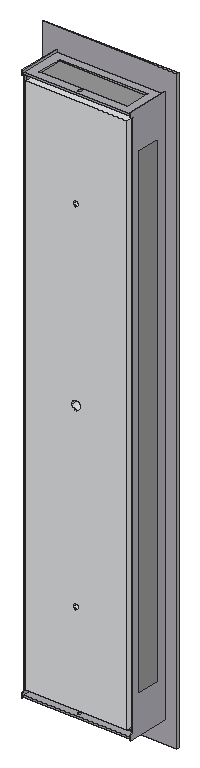
Revit family "Lighting - Lumetta - Sconce - W1636XX", category Lighting Fixtures, host Wall, Revit 2015
Parameters
  Wattage = 34.1318 W
  W1636XX URL [instance] = "https://lumetta.com/luminaires/silhouette-choices-36-sconce-2/"
  W1636XX Style [instance] = 1
  W163606 - Xina [instance] = W1636XX Style = 6  # no
  W163605 - Traverse [instance] = W1636XX Style = 5  # no
  W163604 - Moroccan [instance] = W1636XX Style = 4  # no
  W163603 - Scallop [instance] = W1636XX Style = 3  # no
  W163602 - Diamond [instance] = W1636XX Style = 2  # no
  W163601 - Simple [instance] = W1636XX Style = 1  # yes
  built-in parameter 1150110 = 1 (stored number, unit not read)
  URL = "https://lumetta.com/luminaires/silhouette-choices-36-sconce-2/"
  built-in parameter 1114217 = 1 (stored number, unit not read)
  built-in parameter 1150109 = 1 (stored number, unit not read)
  built-in parameter 1150134 = (empty or 0)
  built-in parameter 1150113 = 1 (stored number, unit not read)
  Model = "W1636XX"  # constant formula
  Manufacturer = "Lumetta, Inc."  # constant formula
  Lumens = 5070 lm
  built-in parameter 1150115 = 1 (stored number, unit not read)
  built-in parameter 1150105 = 403.46 (stored number, unit not read)
  Light Source Symbol Size = 0' - 1"
  built-in parameter 1150137 = (empty or 0)
  built-in parameter 1150139 = (empty or 0)
  built-in parameter 1150112 = 1 (stored number, unit not read)
  built-in parameter 1150114 = 1 (stored number, unit not read)
  built-in parameter 1150132 = 2
  built-in parameter 1150102 = (empty or 0)
  built-in parameter 1150138 = (empty or 0)
  built-in parameter 1150107 = 3000 (stored number, unit not read)
  built-in parameter 1150106 = 4.0346 (stored number, unit not read)
  Frame Finish [instance] = Paint - Lumetta - F02 - PC_Chrome
  Emit from Line Length = 1' - 10"
  built-in parameter 1150104 = 13.8 (stored number, unit not read)
  Dimming Lamp Color Temperature Shift = 1
  Diffuser Material [instance] = Shade - Lumetta - D61 - MT_White
  Description = "Silhouette Choices 36'' Sconce Various Styles"  # constant formula
  Color Filter = 16777215
  built-in parameter 1114218 = 1 (stored number, unit not read)
  built-in parameter 1150133 = 10 (stored number, unit not read)
Reference planes (in)
  plane 1: y = 0
  plane 2 "Light Source Axis (F/B)": y = 4
  plane 3 "Light Source Axis (L/R)": x = -1.43133
  plane 4 "Light Source Elevation": z = 77.42225
  plane 5 "Sconce-BTM": z = 59.42225
  plane 6 "Sconce-TOP": z = 95.42225
  plane 7 "Wall-Face": y = 3.00396
  plane 8 "Sconce Face": y = 5.59771
Forms (in)
  Extrusion 1, solid, material "Paint - Lumetta - F11 - PC_White"
    sketch origin (0, 3.00396, 0) x (-1, 0, 0) y (0, 0, 1)
      loop
        line (-1.56867, 93.67225) -> (-1.56867, 61.17225) -> (4.43133, 61.17225) -> (4.43133, 93.67225) -> (-1.56867, 93.67225)
      loop
        circle (1.43133, 77.42225) r 0.26562
      loop
        circle (1.43133, 88.17225) r 0.15625
      loop
        circle (1.43133, 66.67225) r 0.15625
    from 0 to 0.5
  Extrusion 2, void
    sketch origin (0, 0, 95.42225) x (0, 1, 0) y (-1, 0, 0)
      loop
        circle (3.25396, 1.43133) r 0.10902
    from -36 to 0
  Extrusion 3, solid, material "Paint - Lumetta - F02 - PC_Chrome" <- "Frame Finish"
    sketch origin (-1.43133, 0, 0) x (0, -1, 0) y (0, 0, 1)
      loop
        line (-3.00396, 93.98475) -> (-3.00396, 94.0785) -> (-5.44146, 94.0785) -> (-5.44146, 93.3285) -> (-5.34771, 93.3285) -> (-5.34771, 93.98475) -> (-3.00396, 93.98475)
      loop
        line (-3.00396, 60.85975) -> (-5.41065, 60.85975) -> (-5.41065, 61.516) -> (-5.5044, 61.516) -> (-5.5044, 60.766) -> (-3.00396, 60.766) -> (-3.00396, 60.85975)
    from -3.1875 to 3.1875
  Extrusion 4, void
    sketch origin (0, 0, 77.42225) x (0, 1, 0) y (-1, 0, 0)
      loop
        line (5.00396, 4.05633) -> (3.50396, 4.05633) -> (3.50396, -1.19367) -> (5.00396, -1.19367) -> (5.00396, 4.05633)
    from -18 to 18
  Extrusion 5, solid, material "Paint - Lumetta - F02 - PC_Chrome" <- "Frame Finish"
    sketch origin (-1.43133, 0, 0) x (0, -1, 0) y (0, 0, 1)
      loop
        arc (-3.00396, 60.92225) -> (-3.09235, 60.95886) -> (-3.12896, 61.04725) r 0.125
        line (-3.12896, 61.04725) -> (-3.12896, 93.79725)
        arc (-3.12896, 93.79725) -> (-3.09235, 93.88564) -> (-3.00396, 93.92225) r 0.125
        line (-3.00396, 93.92225) -> (-3.00396, 94.17225) -> (-5.50396, 94.17225) -> (-5.50396, 60.67225) -> (-3.00396, 60.67225) -> (-3.00396, 60.92225)
      loop
        line (-3.50396, 62.92225) -> (-3.50396, 91.92225) -> (-5.00396, 91.92225) -> (-5.00396, 62.92225) -> (-3.50396, 62.92225)
    from 3.1875 to 3.24334
  Extrusion 6, solid, material "Paint - Lumetta - F02 - PC_Chrome" <- "Frame Finish"
    sketch origin (-1.43133, 0, 0) x (0, -1, 0) y (0, 0, -1)
      loop
        line (-3.00396, -60.92225) -> (-3.00396, -60.67225) -> (-5.50396, -60.67225) -> (-5.50396, -94.17225) -> (-3.00396, -94.17225) -> (-3.00396, -93.92225)
        arc (-3.00396, -93.92225) -> (-3.09235, -93.88564) -> (-3.12896, -93.79725) r 0.125
        line (-3.12896, -93.79725) -> (-3.12896, -61.04725)
        arc (-3.12896, -61.04725) -> (-3.09235, -60.95886) -> (-3.00396, -60.92225) r 0.125
      loop
        line (-3.50396, -62.92225) -> (-5.00396, -62.92225) -> (-5.00396, -91.92225) -> (-3.50396, -91.92225) -> (-3.50396, -62.92225)
    from 3.1875 to 3.24334
  Extrusion 7, solid, material "Paint - Lumetta - F02 - PC_Chrome" <- "Frame Finish"
    sketch origin (0, 5.59771, 0) x (-1, 0, 0) y (0, 0, 1)
      loop
        line (-0.44367, 92.54725) -> (-0.44367, 62.29725) -> (3.30633, 62.29725) -> (3.30633, 92.54725) -> (-0.44367, 92.54725)
      loop
        line (4.61883, 94.04725) -> (-1.75617, 94.04725) -> (-1.75617, 60.79725) -> (4.61883, 60.79725) -> (4.61883, 94.04725)
    from -0.15185 to -0.0933
  Extrusion 8, solid, material "Acrylic - P95 - Etched White"
    sketch origin (0, 0, 77.42225) x (0, 1, 0) y (-1, 0, 0)
      loop
        line (3.25943, 4.61883) -> (3.25943, 4.58758) -> (5.44586, 4.58758) -> (5.44586, 4.61883) -> (3.25943, 4.61883)
      loop
        line (5.44146, -1.75617) -> (5.44146, -1.72492) -> (3.25943, -1.72492) -> (3.25943, -1.75617) -> (5.44146, -1.75617)
    from -16.375 to 16.375
  Extrusion 9, solid, material "Acrylic - P95 - Etched White"
    sketch origin (-1.43133, 0, 0) x (0, -1, 0) y (0, 0, 1)
      loop
        line (-5.34771, 93.9535) -> (-3.44771, 93.9535) -> (-3.44771, 93.98475) -> (-5.34771, 93.98475) -> (-5.34771, 93.9535)
      loop
        line (-5.35211, 60.85975) -> (-3.45211, 60.85975) -> (-3.45211, 60.891) -> (-5.35211, 60.891) -> (-5.35211, 60.85975)
    from -3 to 3
  Extrusion 10, solid, material "Shade - Lumetta - D61 - MT_White" <- "Diffuser Material"
    sketch origin (0.00293, 5.59771, 0) x (-1, 0, 0) y (0, 0, 1)
      loop
        line (-1.06575, 92.92225) -> (-1.06575, 61.92225) -> (3.93425, 61.92225) -> (3.93425, 92.92225) -> (-1.06575, 92.92225)
    from -0.15185 to -0.19641
  Extrusion 11, solid, material "Paint - Lumetta - F02 - PC_Chrome" <- "Frame Finish", visible <- "W163601 - Simple"
    sketch origin (0, 5.59771, 0) x (-1, 0, 0) y (0, 0, 1)
      loop
        line (-0.31867, 89.92225) -> (-0.31867, 64.92225) -> (3.18133, 64.92225) -> (3.18133, 89.92225) -> (-0.31867, 89.92225)
      loop
        line (5.43133, 95.42225) -> (-2.56867, 95.42225) -> (-2.56867, 59.42225) -> (5.43133, 59.42225) -> (5.43133, 95.42225)
    from 0 to -0.0933
  Extrusion 12, solid, material "Paint - Lumetta - F02 - PC_Chrome" <- "Frame Finish", visible <- "W163602 - Diamond"
    sketch origin (0, 5.59771, 0) x (-1, 0, 0) y (0, 0, 1)
      loop
        line (-2.56867, 95.42225) -> (-2.56867, 59.42225) -> (5.43133, 59.42225) -> (5.43133, 95.42225) -> (-2.56867, 95.42225)
      loop
        line (0.65505, 88.63759) -> (1.43208, 87.5357) -> (2.2091, 88.63759) -> (1.43208, 89.73947) -> (0.65505, 88.63759)
      loop
        line (-0.27897, 87.31826) -> (0.49806, 86.21637) -> (1.27508, 87.31826) -> (0.49806, 88.42015) -> (-0.27897, 87.31826)
      loop
        line (1.58214, 87.31826) -> (2.35917, 86.21637) -> (3.1362, 87.31826) -> (2.35917, 88.42015) -> (1.58214, 87.31826)
      loop
        line (3.18133, 89.58084) -> (2.51616, 88.63759) -> (3.18133, 87.69434) -> (3.18133, 89.58084)
      loop
        line (-0.31867, 89.56985) -> (-0.31867, 87.70533) -> (0.33873, 88.63759) -> (-0.31867, 89.56985)
      loop
        line (0.65505, 85.99864) -> (1.43208, 84.89675) -> (2.2091, 85.99864) -> (1.43208, 87.10053) -> (0.65505, 85.99864)
      loop
        line (-0.27897, 84.67931) -> (0.49806, 83.57743) -> (1.27508, 84.67931) -> (0.49806, 85.7812) -> (-0.27897, 84.67931)
      loop
        line (1.58214, 84.67931) -> (2.35917, 83.57743) -> (3.1362, 84.67931) -> (2.35917, 85.7812) -> (1.58214, 84.67931)
      loop
        line (3.18133, 86.94189) -> (2.51616, 85.99864) -> (3.18133, 85.05539) -> (3.18133, 86.94189)
      loop
        line (-0.31867, 86.9309) -> (-0.31867, 85.06638) -> (0.33873, 85.99864) -> (-0.31867, 86.9309)
      loop
        line (0.65505, 83.35969) -> (1.43208, 82.2578) -> (2.2091, 83.35969) -> (1.43208, 84.46158) -> (0.65505, 83.35969)
      loop
        line (-0.27897, 82.04036) -> (0.49806, 80.93848) -> (1.27508, 82.04036) -> (0.49806, 83.14225) -> (-0.27897, 82.04036)
      loop
        line (1.58214, 82.04036) -> (2.35917, 80.93848) -> (3.1362, 82.04036) -> (2.35917, 83.14225) -> (1.58214, 82.04036)
      loop
        line (3.18133, 84.30294) -> (2.51616, 83.35969) -> (3.18133, 82.41644) -> (3.18133, 84.30294)
      loop
        line (-0.31867, 84.29195) -> (-0.31867, 82.42743) -> (0.33873, 83.35969) -> (-0.31867, 84.29195)
      loop
        line (0.65505, 80.72074) -> (1.43208, 79.61885) -> (2.2091, 80.72074) -> (1.43208, 81.82263) -> (0.65505, 80.72074)
      loop
        line (-0.27897, 79.40141) -> (0.49806, 78.29953) -> (1.27508, 79.40141) -> (0.49806, 80.5033) -> (-0.27897, 79.40141)
      loop
        line (1.58214, 79.40141) -> (2.35917, 78.29953) -> (3.1362, 79.40141) -> (2.35917, 80.5033) -> (1.58214, 79.40141)
      loop
        line (3.18133, 81.66399) -> (2.51616, 80.72074) -> (3.18133, 79.77749) -> (3.18133, 81.66399)
      loop
        line (-0.31867, 81.653) -> (-0.31867, 79.78848) -> (0.33873, 80.72074) -> (-0.31867, 81.653)
      loop
        line (0.65505, 78.08179) -> (1.43208, 76.9799) -> (2.2091, 78.08179) -> (1.43208, 79.18368) -> (0.65505, 78.08179)
      loop
        line (-0.27897, 76.76246) -> (0.49806, 75.66058) -> (1.27508, 76.76246) -> (0.49806, 77.86435) -> (-0.27897, 76.76246)
      loop
        line (1.58214, 76.76246) -> (2.35917, 75.66058) -> (3.1362, 76.76246) -> (2.35917, 77.86435) -> (1.58214, 76.76246)
      loop
        line (3.18133, 79.02504) -> (2.51616, 78.08179) -> (3.18133, 77.13854) -> (3.18133, 79.02504)
      loop
        line (-0.31867, 79.01405) -> (-0.31867, 77.14953) -> (0.33873, 78.08179) -> (-0.31867, 79.01405)
      loop
        line (0.65505, 75.44284) -> (1.43208, 74.34095) -> (2.2091, 75.44284) -> (1.43208, 76.54473) -> (0.65505, 75.44284)
      loop
        line (-0.27897, 74.12351) -> (0.49806, 73.02163) -> (1.27508, 74.12351) -> (0.49806, 75.2254) -> (-0.27897, 74.12351)
      loop
        line (1.58214, 74.12351) -> (2.35917, 73.02163) -> (3.1362, 74.12351) -> (2.35917, 75.2254) -> (1.58214, 74.12351)
      loop
        line (3.18133, 76.38609) -> (2.51616, 75.44284) -> (3.18133, 74.49959) -> (3.18133, 76.38609)
      loop
        line (-0.31867, 76.3751) -> (-0.31867, 74.51058) -> (0.33873, 75.44284) -> (-0.31867, 76.3751)
      loop
        line (0.65505, 72.80389) -> (1.43208, 71.702) -> (2.2091, 72.80389) -> (1.43208, 73.90578) -> (0.65505, 72.80389)
      loop
        line (-0.27897, 71.48456) -> (0.49806, 70.38268) -> (1.27508, 71.48456) -> (0.49806, 72.58645) -> (-0.27897, 71.48456)
      loop
        line (1.58214, 71.48456) -> (2.35917, 70.38268) -> (3.1362, 71.48456) -> (2.35917, 72.58645) -> (1.58214, 71.48456)
      loop
        line (3.18133, 73.74714) -> (2.51616, 72.80389) -> (3.18133, 71.86064) -> (3.18133, 73.74714)
      loop
        line (-0.31867, 73.73615) -> (-0.31867, 71.87163) -> (0.33873, 72.80389) -> (-0.31867, 73.73615)
      loop
        line (0.65505, 70.16494) -> (1.43208, 69.06305) -> (2.2091, 70.16494) -> (1.43208, 71.26683) -> (0.65505, 70.16494)
      loop
        line (-0.27897, 68.84561) -> (0.49806, 67.74373) -> (1.27508, 68.84561) -> (0.49806, 69.9475) -> (-0.27897, 68.84561)
      loop
        line (1.58214, 68.84561) -> (2.35917, 67.74373) -> (3.1362, 68.84561) -> (2.35917, 69.9475) -> (1.58214, 68.84561)
      loop
        line (3.18133, 71.10819) -> (2.51616, 70.16494) -> (3.18133, 69.22169) -> (3.18133, 71.10819)
      loop
        line (-0.31867, 71.0972) -> (-0.31867, 69.23268) -> (0.33873, 70.16494) -> (-0.31867, 71.0972)
      loop
        line (0.65505, 67.52599) -> (1.43208, 66.4241) -> (2.2091, 67.52599) -> (1.43208, 68.62788) -> (0.65505, 67.52599)
      loop
        line (-0.27897, 66.20666) -> (0.49806, 65.10478) -> (1.27508, 66.20666) -> (0.49806, 67.30855) -> (-0.27897, 66.20666)
      loop
        line (1.58214, 66.20666) -> (2.35917, 65.10478) -> (3.1362, 66.20666) -> (2.35917, 67.30855) -> (1.58214, 66.20666)
      loop
        line (3.18133, 68.46924) -> (2.51616, 67.52599) -> (3.18133, 66.58274) -> (3.18133, 68.46924)
      loop
        line (-0.31867, 68.45825) -> (-0.31867, 66.59373) -> (0.33873, 67.52599) -> (-0.31867, 68.45825)
      loop
        line (1.6068, 89.92225) -> (2.35917, 88.85532) -> (3.11154, 89.92225) -> (1.6068, 89.92225)
      loop
        line (-0.25431, 89.92225) -> (0.49806, 88.85532) -> (1.25043, 89.92225) -> (-0.25431, 89.92225)
      loop
        line (3.18133, 64.92225) -> (3.18133, 65.83029) -> (2.54099, 64.92225) -> (3.18133, 64.92225)
      loop
        line (2.18428, 64.92225) -> (1.43208, 65.98893) -> (0.67988, 64.92225) -> (2.18428, 64.92225)
      loop
        line (0.31391, 64.92225) -> (-0.31867, 65.8193) -> (-0.31867, 64.92225) -> (0.31391, 64.92225)
    from 0 to -0.0933
  Extrusion 13, solid, material "Paint - Lumetta - F02 - PC_Chrome" <- "Frame Finish", visible <- "W163603 - Scallop"
    sketch origin (0, 5.59771, 0) x (-1, 0, 0) y (0, 0, 1)
      loop
        arc (-0.31074, 89.15692) -> (-0.12624, 89.22537) -> (0.06618, 89.26655) r 1.36344
        arc (0.06618, 89.26655) -> (-0.10592, 89.50112) -> (-0.31867, 89.69955) r 1.55594
        line (-0.31867, 89.69955) -> (-0.31074, 89.15692)
      loop
        arc (0.33633, 87.79688) -> (0.73779, 88.1999) -> (1.25557, 88.43549) r 1.58726
        arc (1.25557, 88.43549) -> (0.56013, 88.98673) -> (-0.31867, 88.86344) r 1.12659
        line (-0.31867, 88.86344) -> (-0.31867, 88.28147) -> (0.33633, 87.79688)
      loop
        arc (0.04605, 87.57052) -> (-0.11792, 87.78868) -> (-0.31867, 87.97355) r 1.50142
        line (-0.31867, 87.97355) -> (-0.31867, 87.42759) -> (0.04605, 87.57052)
      loop
        arc (0.33633, 86.07088) -> (0.73779, 86.4739) -> (1.25557, 86.70949) r 1.58726
        arc (1.25557, 86.70949) -> (0.56013, 87.26073) -> (-0.31867, 87.13744) r 1.12659
        line (-0.31867, 87.13744) -> (-0.31867, 86.55547) -> (0.33633, 86.07088)
      loop
        arc (0.04605, 85.84452) -> (-0.11792, 86.06268) -> (-0.31867, 86.24755) r 1.50142
        line (-0.31867, 86.24755) -> (-0.31867, 85.70159) -> (0.04605, 85.84452)
      loop
        arc (0.33633, 84.34489) -> (0.73779, 84.74791) -> (1.25557, 84.98349) r 1.58726
        arc (1.25557, 84.98349) -> (0.56013, 85.53474) -> (-0.31867, 85.41145) r 1.12659
        line (-0.31867, 85.41145) -> (-0.31867, 84.82947) -> (0.33633, 84.34489)
      loop
        arc (0.04605, 84.11853) -> (-0.11792, 84.33668) -> (-0.31867, 84.52156) r 1.50142
        line (-0.31867, 84.52156) -> (-0.31867, 83.9756) -> (0.04605, 84.11853)
      loop
        arc (0.33633, 82.61889) -> (0.73779, 83.02191) -> (1.25557, 83.2575) r 1.58726
        arc (1.25557, 83.2575) -> (0.56013, 83.80874) -> (-0.31867, 83.68545) r 1.12659
        line (-0.31867, 83.68545) -> (-0.31867, 83.10348) -> (0.33633, 82.61889)
      loop
        arc (0.04605, 82.39253) -> (-0.11792, 82.61069) -> (-0.31867, 82.79556) r 1.50142
        line (-0.31867, 82.79556) -> (-0.31867, 82.2496) -> (0.04605, 82.39253)
      loop
        arc (0.33633, 80.8929) -> (0.73779, 81.29591) -> (1.25557, 81.5315) r 1.58726
        arc (1.25557, 81.5315) -> (0.56013, 82.08274) -> (-0.31867, 81.95946) r 1.12659
        line (-0.31867, 81.95946) -> (-0.31867, 81.37748) -> (0.33633, 80.8929)
      loop
        arc (0.04605, 80.66653) -> (-0.11792, 80.88469) -> (-0.31867, 81.06956) r 1.50142
        line (-0.31867, 81.06956) -> (-0.31867, 80.5236) -> (0.04605, 80.66653)
      loop
        arc (0.33633, 79.1669) -> (0.73779, 79.56992) -> (1.25557, 79.8055) r 1.58726
        arc (1.25557, 79.8055) -> (0.56013, 80.35675) -> (-0.31867, 80.23346) r 1.12659
        line (-0.31867, 80.23346) -> (-0.31867, 79.65148) -> (0.33633, 79.1669)
      loop
        arc (0.04605, 78.94054) -> (-0.11792, 79.15869) -> (-0.31867, 79.34357) r 1.50142
        line (-0.31867, 79.34357) -> (-0.31867, 78.79761) -> (0.04605, 78.94054)
      loop
        arc (0.33633, 77.4409) -> (0.73779, 77.84392) -> (1.25557, 78.07951) r 1.58726
        arc (1.25557, 78.07951) -> (0.56013, 78.63075) -> (-0.31867, 78.50746) r 1.12659
        line (-0.31867, 78.50746) -> (-0.31867, 77.92549) -> (0.33633, 77.4409)
      loop
        arc (0.04605, 77.21454) -> (-0.11792, 77.4327) -> (-0.31867, 77.61757) r 1.50142
        line (-0.31867, 77.61757) -> (-0.31867, 77.07161) -> (0.04605, 77.21454)
      loop
        arc (0.33633, 75.71491) -> (0.73779, 76.11792) -> (1.25557, 76.35351) r 1.58726
        arc (1.25557, 76.35351) -> (0.56013, 76.90475) -> (-0.31867, 76.78147) r 1.12659
        line (-0.31867, 76.78147) -> (-0.31867, 76.19949) -> (0.33633, 75.71491)
      loop
        arc (0.04605, 75.48854) -> (-0.11792, 75.7067) -> (-0.31867, 75.89157) r 1.50142
        line (-0.31867, 75.89157) -> (-0.31867, 75.34561) -> (0.04605, 75.48854)
      loop
        arc (0.33633, 73.98891) -> (0.73779, 74.39193) -> (1.25557, 74.62752) r 1.58726
        arc (1.25557, 74.62752) -> (0.56013, 75.17876) -> (-0.31867, 75.05547) r 1.12659
        line (-0.31867, 75.05547) -> (-0.31867, 74.47349) -> (0.33633, 73.98891)
      loop
        arc (0.04605, 73.76255) -> (-0.11792, 73.98071) -> (-0.31867, 74.16558) r 1.50142
        line (-0.31867, 74.16558) -> (-0.31867, 73.61962) -> (0.04605, 73.76255)
      loop
        arc (0.33633, 72.26291) -> (0.73779, 72.66593) -> (1.25557, 72.90152) r 1.58726
        arc (1.25557, 72.90152) -> (0.56013, 73.45276) -> (-0.31867, 73.32947) r 1.12659
        line (-0.31867, 73.32947) -> (-0.31867, 72.7475) -> (0.33633, 72.26291)
      loop
        arc (0.04605, 72.03655) -> (-0.11792, 72.25471) -> (-0.31867, 72.43958) r 1.50142
        line (-0.31867, 72.43958) -> (-0.31867, 71.89362) -> (0.04605, 72.03655)
      loop
        arc (0.33633, 70.53692) -> (0.73779, 70.93993) -> (1.25557, 71.17552) r 1.58726
        arc (1.25557, 71.17552) -> (0.56013, 71.72676) -> (-0.31867, 71.60348) r 1.12659
        line (-0.31867, 71.60348) -> (-0.31867, 71.0215) -> (0.33633, 70.53692)
      loop
        arc (0.04605, 70.31055) -> (-0.11792, 70.52871) -> (-0.31867, 70.71359) r 1.50142
        line (-0.31867, 70.71359) -> (-0.31867, 70.16763) -> (0.04605, 70.31055)
      loop
        arc (0.33633, 68.81092) -> (0.73779, 69.21394) -> (1.25557, 69.44953) r 1.58726
        arc (1.25557, 69.44953) -> (0.56013, 70.00077) -> (-0.31867, 69.87748) r 1.12659
        line (-0.31867, 69.87748) -> (-0.31867, 69.29551) -> (0.33633, 68.81092)
      loop
        arc (0.04605, 68.58456) -> (-0.11792, 68.80272) -> (-0.31867, 68.98759) r 1.50142
        line (-0.31867, 68.98759) -> (-0.31867, 68.44163) -> (0.04605, 68.58456)
      loop
        arc (0.33633, 67.08492) -> (0.73779, 67.48794) -> (1.25557, 67.72353) r 1.58726
        arc (1.25557, 67.72353) -> (0.56013, 68.27477) -> (-0.31867, 68.15148) r 1.12659
        line (-0.31867, 68.15148) -> (-0.31867, 67.56951) -> (0.33633, 67.08492)
      loop
        arc (0.04605, 66.85856) -> (-0.11792, 67.07672) -> (-0.31867, 67.26159) r 1.50142
        line (-0.31867, 67.26159) -> (-0.31867, 66.71563) -> (0.04605, 66.85856)
      loop
        arc (0.33633, 65.35893) -> (0.73779, 65.76194) -> (1.25557, 65.99753) r 1.58726
        arc (1.25557, 65.99753) -> (0.56013, 66.54877) -> (-0.31867, 66.42549) r 1.12659
        line (-0.31867, 66.42549) -> (-0.31867, 65.84351) -> (0.33633, 65.35893)
      loop
        arc (0.04605, 65.13256) -> (-0.11792, 65.35072) -> (-0.31867, 65.5356) r 1.50142
        line (-0.31867, 65.5356) -> (-0.31867, 64.98964) -> (0.04605, 65.13256)
      loop
        arc (-0.16005, 89.90401) -> (0.07856, 89.68759) -> (0.26734, 89.42657) r 1.55142
        line (0.26734, 89.42657) -> (0.64624, 89.92225) -> (-0.16005, 89.90401)
      loop
        arc (0.45905, 89.26557) -> (1.00412, 89.05307) -> (1.4307, 88.65272) r 1.54105
        arc (1.4307, 88.65272) -> (1.85869, 89.05945) -> (2.4116, 89.26655) r 1.48029
        arc (2.4116, 89.26655) -> (2.12461, 89.62933) -> (1.72711, 89.8659) r 1.27546
        arc (1.72711, 89.8659) -> (1.18527, 89.86805) -> (0.72833, 89.57685) r 0.96141
        line (0.72833, 89.57685) -> (0.45905, 89.26557)
      loop
        arc (0.45905, 87.53957) -> (1.00412, 87.32707) -> (1.4307, 86.92673) r 1.54105
        arc (1.4307, 86.92673) -> (1.85869, 87.33345) -> (2.4116, 87.54055) r 1.48029
        arc (2.4116, 87.54055) -> (2.12461, 87.90334) -> (1.72711, 88.1399) r 1.27546
        arc (1.72711, 88.1399) -> (1.18527, 88.14205) -> (0.72833, 87.85086) r 0.96141
        line (0.72833, 87.85086) -> (0.45905, 87.53957)
      loop
        arc (0.45905, 85.81357) -> (1.00412, 85.60107) -> (1.4307, 85.20073) r 1.54105
        arc (1.4307, 85.20073) -> (1.85869, 85.60746) -> (2.4116, 85.81456) r 1.48029
        arc (2.4116, 85.81456) -> (2.12461, 86.17734) -> (1.72711, 86.41391) r 1.27546
        arc (1.72711, 86.41391) -> (1.18527, 86.41605) -> (0.72833, 86.12486) r 0.96141
        line (0.72833, 86.12486) -> (0.45905, 85.81357)
      loop
        arc (0.45905, 84.08758) -> (1.00412, 83.87508) -> (1.4307, 83.47473) r 1.54105
        arc (1.4307, 83.47473) -> (1.85869, 83.88146) -> (2.4116, 84.08856) r 1.48029
        arc (2.4116, 84.08856) -> (2.12461, 84.45134) -> (1.72711, 84.68791) r 1.27546
        arc (1.72711, 84.68791) -> (1.18527, 84.69006) -> (0.72833, 84.39886) r 0.96141
        line (0.72833, 84.39886) -> (0.45905, 84.08758)
      loop
        arc (0.45905, 82.36158) -> (1.00412, 82.14908) -> (1.4307, 81.74874) r 1.54105
        arc (1.4307, 81.74874) -> (1.85869, 82.15546) -> (2.4116, 82.36256) r 1.48029
        arc (2.4116, 82.36256) -> (2.12461, 82.72535) -> (1.72711, 82.96191) r 1.27546
        arc (1.72711, 82.96191) -> (1.18527, 82.96406) -> (0.72833, 82.67287) r 0.96141
        line (0.72833, 82.67287) -> (0.45905, 82.36158)
      loop
        arc (0.45905, 80.63558) -> (1.00412, 80.42308) -> (1.4307, 80.02274) r 1.54105
        arc (1.4307, 80.02274) -> (1.85869, 80.42947) -> (2.4116, 80.63657) r 1.48029
        arc (2.4116, 80.63657) -> (2.12461, 80.99935) -> (1.72711, 81.23592) r 1.27546
        arc (1.72711, 81.23592) -> (1.18527, 81.23806) -> (0.72833, 80.94687) r 0.96141
        line (0.72833, 80.94687) -> (0.45905, 80.63558)
      loop
        arc (0.45905, 78.90959) -> (1.00412, 78.69709) -> (1.4307, 78.29674) r 1.54105
        arc (1.4307, 78.29674) -> (1.85869, 78.70347) -> (2.4116, 78.91057) r 1.48029
        arc (2.4116, 78.91057) -> (2.12461, 79.27335) -> (1.72711, 79.50992) r 1.27546
        arc (1.72711, 79.50992) -> (1.18527, 79.51207) -> (0.72833, 79.22088) r 0.96141
        line (0.72833, 79.22088) -> (0.45905, 78.90959)
      loop
        arc (0.45905, 77.18359) -> (1.00412, 76.97109) -> (1.4307, 76.57075) r 1.54105
        arc (1.4307, 76.57075) -> (1.85869, 76.97747) -> (2.4116, 77.18457) r 1.48029
        arc (2.4116, 77.18457) -> (2.12461, 77.54736) -> (1.72711, 77.78392) r 1.27546
        arc (1.72711, 77.78392) -> (1.18527, 77.78607) -> (0.72833, 77.49488) r 0.96141
        line (0.72833, 77.49488) -> (0.45905, 77.18359)
      loop
        arc (0.45905, 75.45759) -> (1.00412, 75.2451) -> (1.4307, 74.84475) r 1.54105
        arc (1.4307, 74.84475) -> (1.85869, 75.25148) -> (2.4116, 75.45858) r 1.48029
        arc (2.4116, 75.45858) -> (2.12461, 75.82136) -> (1.72711, 76.05793) r 1.27546
        arc (1.72711, 76.05793) -> (1.18527, 76.06007) -> (0.72833, 75.76888) r 0.96141
        line (0.72833, 75.76888) -> (0.45905, 75.45759)
      loop
        arc (0.45905, 73.7316) -> (1.00412, 73.5191) -> (1.4307, 73.11875) r 1.54105
        arc (1.4307, 73.11875) -> (1.85869, 73.52548) -> (2.4116, 73.73258) r 1.48029
        arc (2.4116, 73.73258) -> (2.12461, 74.09536) -> (1.72711, 74.33193) r 1.27546
        arc (1.72711, 74.33193) -> (1.18527, 74.33408) -> (0.72833, 74.04289) r 0.96141
        line (0.72833, 74.04289) -> (0.45905, 73.7316)
      loop
        arc (0.45905, 72.0056) -> (1.00412, 71.7931) -> (1.4307, 71.39276) r 1.54105
        arc (1.4307, 71.39276) -> (1.85869, 71.79949) -> (2.4116, 72.00658) r 1.48029
        arc (2.4116, 72.00658) -> (2.12461, 72.36937) -> (1.72711, 72.60593) r 1.27546
        arc (1.72711, 72.60593) -> (1.18527, 72.60808) -> (0.72833, 72.31689) r 0.96141
        line (0.72833, 72.31689) -> (0.45905, 72.0056)
      loop
        arc (0.45905, 70.2796) -> (1.00412, 70.06711) -> (1.4307, 69.66676) r 1.54105
        arc (1.4307, 69.66676) -> (1.85869, 70.07349) -> (2.4116, 70.28059) r 1.48029
        arc (2.4116, 70.28059) -> (2.12461, 70.64337) -> (1.72711, 70.87994) r 1.27546
        arc (1.72711, 70.87994) -> (1.18527, 70.88208) -> (0.72833, 70.59089) r 0.96141
        line (0.72833, 70.59089) -> (0.45905, 70.2796)
      loop
        arc (0.45905, 68.55361) -> (1.00412, 68.34111) -> (1.4307, 67.94076) r 1.54105
        arc (1.4307, 67.94076) -> (1.85869, 68.34749) -> (2.4116, 68.55459) r 1.48029
        arc (2.4116, 68.55459) -> (2.12461, 68.91737) -> (1.72711, 69.15394) r 1.27546
        arc (1.72711, 69.15394) -> (1.18527, 69.15609) -> (0.72833, 68.8649) r 0.96141
        line (0.72833, 68.8649) -> (0.45905, 68.55361)
      loop
        arc (0.45905, 66.82761) -> (1.00412, 66.61511) -> (1.4307, 66.21477) r 1.54105
        arc (1.4307, 66.21477) -> (1.85869, 66.6215) -> (2.4116, 66.82859) r 1.48029
        arc (2.4116, 66.82859) -> (2.12461, 67.19138) -> (1.72711, 67.42794) r 1.27546
        arc (1.72711, 67.42794) -> (1.18527, 67.43009) -> (0.72833, 67.1389) r 0.96141
        line (0.72833, 67.1389) -> (0.45905, 66.82761)
      loop
        arc (2.37801, 65.15205) -> (1.98505, 65.57127) -> (1.4377, 65.74609) r 1.14211
        arc (1.4377, 65.74609) -> (0.97709, 65.60548) -> (0.61138, 65.29213) r 1.17683
        line (0.61138, 65.29213) -> (0.47388, 65.09674) -> (1.10889, 64.92225) -> (1.90414, 64.92225) -> (2.37801, 65.15205)
      loop
        arc (2.18247, 89.90448) -> (2.42245, 89.68789) -> (2.61276, 89.42657) r 1.56315
        line (2.61276, 89.42657) -> (2.98488, 89.92225) -> (2.18247, 89.90448)
      loop
        arc (3.17444, 88.86914) -> (2.30712, 88.98701) -> (1.61052, 88.45705) r 1.14356
        arc (1.61052, 88.45705) -> (2.18556, 88.17675) -> (2.61275, 87.70057) r 1.66754
        line (2.61275, 87.70057) -> (3.18133, 88.41751) -> (3.17444, 88.86914)
      loop
        arc (3.17444, 87.14314) -> (2.30712, 87.26101) -> (1.61052, 86.73105) r 1.14356
        arc (1.61052, 86.73105) -> (2.18556, 86.45075) -> (2.61275, 85.97457) r 1.66754
        line (2.61275, 85.97457) -> (3.18133, 86.69152) -> (3.17444, 87.14314)
      loop
        arc (3.17444, 85.41715) -> (2.30712, 85.53502) -> (1.61052, 85.00505) r 1.14356
        arc (1.61052, 85.00505) -> (2.18556, 84.72476) -> (2.61275, 84.24858) r 1.66754
        line (2.61275, 84.24858) -> (3.18133, 84.96552) -> (3.17444, 85.41715)
      loop
        arc (3.17444, 83.69115) -> (2.30712, 83.80902) -> (1.61052, 83.27906) r 1.14356
        arc (1.61052, 83.27906) -> (2.18556, 82.99876) -> (2.61275, 82.52258) r 1.66754
        line (2.61275, 82.52258) -> (3.18133, 83.23952) -> (3.17444, 83.69115)
      loop
        arc (3.17444, 81.96515) -> (2.30712, 82.08303) -> (1.61052, 81.55306) r 1.14356
        arc (1.61052, 81.55306) -> (2.18556, 81.27276) -> (2.61275, 80.79658) r 1.66754
        line (2.61275, 80.79658) -> (3.18133, 81.51353) -> (3.17444, 81.96515)
      loop
        arc (3.17444, 80.23916) -> (2.30712, 80.35703) -> (1.61052, 79.82706) r 1.14356
        arc (1.61052, 79.82706) -> (2.18556, 79.54677) -> (2.61275, 79.07059) r 1.66754
        line (2.61275, 79.07059) -> (3.18133, 79.78753) -> (3.17444, 80.23916)
      loop
        arc (3.17444, 78.51316) -> (2.30712, 78.63103) -> (1.61052, 78.10107) r 1.14356
        arc (1.61052, 78.10107) -> (2.18556, 77.82077) -> (2.61275, 77.34459) r 1.66754
        line (2.61275, 77.34459) -> (3.18133, 78.06153) -> (3.17444, 78.51316)
      loop
        arc (3.17444, 76.78716) -> (2.30712, 76.90504) -> (1.61052, 76.37507) r 1.14356
        arc (1.61052, 76.37507) -> (2.18556, 76.09477) -> (2.61275, 75.61859) r 1.66754
        line (2.61275, 75.61859) -> (3.18133, 76.33554) -> (3.17444, 76.78716)
      loop
        arc (3.17444, 75.06117) -> (2.30712, 75.17904) -> (1.61052, 74.64908) r 1.14356
        arc (1.61052, 74.64908) -> (2.18556, 74.36878) -> (2.61275, 73.8926) r 1.66754
        line (2.61275, 73.8926) -> (3.18133, 74.60954) -> (3.17444, 75.06117)
      loop
        arc (3.17444, 73.33517) -> (2.30712, 73.45304) -> (1.61052, 72.92308) r 1.14356
        arc (1.61052, 72.92308) -> (2.18556, 72.64278) -> (2.61275, 72.1666) r 1.66754
        line (2.61275, 72.1666) -> (3.18133, 72.88355) -> (3.17444, 73.33517)
      loop
        arc (3.17444, 71.60918) -> (2.30712, 71.72705) -> (1.61052, 71.19708) r 1.14356
        arc (1.61052, 71.19708) -> (2.18556, 70.91678) -> (2.61275, 70.44061) r 1.66754
        line (2.61275, 70.44061) -> (3.18133, 71.15755) -> (3.17444, 71.60918)
      loop
        arc (3.17444, 69.88318) -> (2.30712, 70.00105) -> (1.61052, 69.47109) r 1.14356
        arc (1.61052, 69.47109) -> (2.18556, 69.19079) -> (2.61275, 68.71461) r 1.66754
        line (2.61275, 68.71461) -> (3.18133, 69.43155) -> (3.17444, 69.88318)
      loop
        arc (3.17444, 68.15718) -> (2.30712, 68.27505) -> (1.61052, 67.74509) r 1.14356
        arc (1.61052, 67.74509) -> (2.18556, 67.46479) -> (2.61275, 66.98861) r 1.66754
        line (2.61275, 66.98861) -> (3.18133, 67.70556) -> (3.17444, 68.15718)
      loop
        arc (3.17444, 66.43119) -> (2.30712, 66.54906) -> (1.61052, 66.01909) r 1.14356
        arc (1.61052, 66.01909) -> (2.18556, 65.73879) -> (2.61275, 65.26262) r 1.66754
        line (2.61275, 65.26262) -> (3.18133, 65.97956) -> (3.17444, 66.43119)
      loop
        arc (3.18133, 89.68503) -> (2.97859, 89.49368) -> (2.81371, 89.26889) r 1.53885
        line (2.81371, 89.26889) -> (3.18133, 89.17361) -> (3.18133, 89.68503)
      loop
        arc (3.16501, 87.94597) -> (2.97322, 87.76157) -> (2.81614, 87.54682) r 1.53542
        line (2.81614, 87.54682) -> (3.18133, 87.42114) -> (3.16501, 87.94597)
      loop
        arc (3.16501, 86.21997) -> (2.97322, 86.03557) -> (2.81614, 85.82083) r 1.53542
        line (2.81614, 85.82083) -> (3.18133, 85.69515) -> (3.16501, 86.21997)
      loop
        arc (3.16501, 84.49398) -> (2.97322, 84.30957) -> (2.81614, 84.09483) r 1.53542
        line (2.81614, 84.09483) -> (3.18133, 83.96915) -> (3.16501, 84.49398)
      loop
        arc (3.16501, 82.76798) -> (2.97322, 82.58358) -> (2.81614, 82.36883) r 1.53542
        line (2.81614, 82.36883) -> (3.18133, 82.24315) -> (3.16501, 82.76798)
      loop
        arc (3.16501, 81.04198) -> (2.97322, 80.85758) -> (2.81614, 80.64284) r 1.53542
        line (2.81614, 80.64284) -> (3.18133, 80.51716) -> (3.16501, 81.04198)
      loop
        arc (3.16501, 79.31599) -> (2.97322, 79.13158) -> (2.81614, 78.91684) r 1.53542
        line (2.81614, 78.91684) -> (3.18133, 78.79116) -> (3.16501, 79.31599)
      loop
        arc (3.16501, 77.58999) -> (2.97322, 77.40559) -> (2.81614, 77.19084) r 1.53542
        line (2.81614, 77.19084) -> (3.18133, 77.06516) -> (3.16501, 77.58999)
      loop
        arc (3.16501, 75.86399) -> (2.97322, 75.67959) -> (2.81614, 75.46485) r 1.53542
        line (2.81614, 75.46485) -> (3.18133, 75.33917) -> (3.16501, 75.86399)
      loop
        arc (3.16501, 74.138) -> (2.97322, 73.95359) -> (2.81614, 73.73885) r 1.53542
        line (2.81614, 73.73885) -> (3.18133, 73.61317) -> (3.16501, 74.138)
      loop
        arc (3.16501, 72.412) -> (2.97322, 72.2276) -> (2.81614, 72.01285) r 1.53542
        line (2.81614, 72.01285) -> (3.18133, 71.88717) -> (3.16501, 72.412)
      loop
        arc (3.16501, 70.68601) -> (2.97322, 70.5016) -> (2.81614, 70.28686) r 1.53542
        line (2.81614, 70.28686) -> (3.18133, 70.16118) -> (3.16501, 70.68601)
      loop
        arc (3.16501, 68.96001) -> (2.97322, 68.7756) -> (2.81614, 68.56086) r 1.53542
        line (2.81614, 68.56086) -> (3.18133, 68.43518) -> (3.16501, 68.96001)
      loop
        arc (3.16501, 67.23401) -> (2.97322, 67.04961) -> (2.81614, 66.83486) r 1.53542
        line (2.81614, 66.83486) -> (3.18133, 66.70919) -> (3.16501, 67.23401)
      loop
        arc (3.16501, 65.50802) -> (2.97322, 65.32361) -> (2.81614, 65.10887) r 1.53542
        line (2.81614, 65.10887) -> (3.18133, 64.98319) -> (3.16501, 65.50802)
      loop
        line (-2.56867, 95.42225) -> (-2.56867, 59.42225) -> (5.43133, 59.42225) -> (5.43133, 95.42225) -> (-2.56867, 95.42225)
    from 0 to -0.0933
  Extrusion 14, solid, material "Paint - Lumetta - F02 - PC_Chrome" <- "Frame Finish", visible <- "W163604 - Moroccan"
    sketch origin (0, 5.59771, 0) x (-1, 0, 0) y (0, 0, 1)
      loop
        line (-0.31867, 89.63686) -> (-0.01895, 89.80646) -> (-0.08569, 89.92225) -> (-0.31867, 89.92225) -> (-0.31867, 89.63686)
      loop
        line (-2.56867, 95.42225) -> (-2.56867, 59.42225) -> (5.43133, 59.42225) -> (5.43133, 95.42225) -> (-2.56867, 95.42225)
      loop
        line (-0.31867, 86.99093) -> (-0.01895, 87.5109) -> (-0.31867, 87.68051) -> (-0.31867, 86.99093)
      loop
        line (-0.31867, 85.90984) -> (-0.31867, 85.22026) -> (-0.01895, 85.38987) -> (-0.31867, 85.90984)
      loop
        line (-0.31867, 82.57434) -> (-0.01895, 83.09431) -> (-0.31867, 83.26391) -> (-0.31867, 82.57434)
      loop
        line (-0.31867, 81.49324) -> (-0.31867, 80.80367) -> (-0.01895, 80.97327) -> (-0.31867, 81.49324)
      loop
        line (-0.31867, 78.15774) -> (-0.01895, 78.67771) -> (-0.31867, 78.84732) -> (-0.31867, 78.15774)
      loop
        line (-0.31867, 77.07665) -> (-0.31867, 76.38707) -> (-0.01895, 76.55668) -> (-0.31867, 77.07665)
      loop
        line (-0.31867, 73.74115) -> (-0.01895, 74.26112) -> (-0.31867, 74.43072) -> (-0.31867, 73.74115)
      loop
        line (-0.31867, 72.66005) -> (-0.31867, 71.97048) -> (-0.01895, 72.14008) -> (-0.31867, 72.66005)
      loop
        line (-0.31867, 69.32455) -> (-0.01895, 69.84452) -> (-0.31867, 70.01413) -> (-0.31867, 69.32455)
      loop
        line (-0.31867, 68.24346) -> (-0.31867, 67.55388) -> (-0.01895, 67.72349) -> (-0.31867, 68.24346)
      loop
        line (3.18133, 65.0492) -> (2.75265, 65.30457) -> (2.53629, 64.92225) -> (3.18133, 64.92225) -> (3.18133, 65.0492)
      loop
        line (2.5302, 65.43289) -> (2.06796, 65.69648) -> (1.60216, 65.43289) -> (1.89651, 64.92225) -> (2.2381, 64.92225) -> (2.5302, 65.43289)
      loop
        line (1.39014, 65.30457) -> (0.92439, 65.02711) -> (0.92439, 64.92225) -> (1.60649, 64.92225) -> (1.39014, 65.30457)
      loop
        line (0.66462, 65.02711) -> (0.19886, 65.30457) -> (-0.01749, 64.92225) -> (0.66462, 64.92225) -> (0.66462, 65.02711)
      loop
        line (3.18133, 66.03455) -> (2.8816, 65.51458) -> (3.18133, 65.34497) -> (3.18133, 66.03455)
      loop
        line (2.8816, 67.63562) -> (3.18133, 67.11565) -> (3.18133, 67.80522) -> (2.8816, 67.63562)
      loop
        line (3.18133, 70.45114) -> (2.8816, 69.93117) -> (3.18133, 69.76157) -> (3.18133, 70.45114)
      loop
        line (2.8816, 72.05221) -> (3.18133, 71.53224) -> (3.18133, 72.22182) -> (2.8816, 72.05221)
      loop
        line (3.18133, 74.86774) -> (2.8816, 74.34777) -> (3.18133, 74.17817) -> (3.18133, 74.86774)
      loop
        line (2.8816, 76.46881) -> (3.18133, 75.94884) -> (3.18133, 76.63841) -> (2.8816, 76.46881)
      loop
        line (3.18133, 79.28434) -> (2.8816, 78.76437) -> (3.18133, 78.59476) -> (3.18133, 79.28434)
      loop
        line (2.8816, 80.8854) -> (3.18133, 80.36543) -> (3.18133, 81.05501) -> (2.8816, 80.8854)
      loop
        line (3.18133, 83.70093) -> (2.8816, 83.18096) -> (3.18133, 83.01136) -> (3.18133, 83.70093)
      loop
        line (2.8816, 85.302) -> (3.18133, 84.78203) -> (3.18133, 85.4716) -> (2.8816, 85.302)
      loop
        line (3.18133, 88.11753) -> (2.8816, 87.59756) -> (3.18133, 87.42795) -> (3.18133, 88.11753)
      loop
        line (2.8816, 89.71859) -> (3.18133, 89.19862) -> (3.18133, 89.8882) -> (2.8816, 89.71859)
      loop
        line (0.33245, 89.72356) -> (0.79469, 88.91547) -> (1.26049, 89.72356) -> (0.90936, 89.92225) -> (0.68089, 89.92225) -> (0.33245, 89.72356)
      loop
        line (1.6068, 89.80646) -> (2.06903, 89.54288) -> (2.53483, 89.80646) -> (2.46809, 89.92225) -> (1.67303, 89.92225) -> (1.6068, 89.80646)
      loop
        line (2.66379, 67.51226) -> (2.19803, 67.2348) -> (2.19803, 66.70764) -> (3.11912, 66.70764) -> (2.66379, 67.51226)
      loop
        line (2.66958, 65.6429) -> (3.12491, 66.44752) -> (2.20383, 66.44752) -> (2.20383, 65.92036) -> (2.66958, 65.6429)
      loop
        line (1.26049, 67.64058) -> (0.79469, 67.90416) -> (0.33245, 67.64058) -> (0.79469, 66.83249) -> (1.26049, 67.64058)
      loop
        line (1.47251, 67.51226) -> (1.01718, 66.70764) -> (1.93826, 66.70764) -> (1.93826, 67.2348) -> (1.47251, 67.51226)
      loop
        line (0.11, 67.51226) -> (-0.31867, 67.25689) -> (-0.31867, 66.70764) -> (0.56533, 66.70764) -> (0.11, 67.51226)
      loop
        line (0.32782, 65.51458) -> (0.79362, 65.251) -> (1.25585, 65.51458) -> (0.79362, 66.32267) -> (0.32782, 65.51458)
      loop
        line (0.1158, 65.6429) -> (0.57112, 66.44752) -> (-0.31867, 66.44752) -> (-0.31867, 65.90172) -> (0.1158, 65.6429)
      loop
        line (1.4783, 65.6429) -> (1.94406, 65.92036) -> (1.94406, 66.44752) -> (1.02298, 66.44752) -> (1.4783, 65.6429)
      loop
        line (0.19886, 69.72116) -> (-0.25646, 68.91654) -> (0.66462, 68.91654) -> (0.66462, 69.44371) -> (0.19886, 69.72116)
      loop
        line (0.19307, 67.85181) -> (0.65882, 68.12926) -> (0.65882, 68.65643) -> (-0.26226, 68.65643) -> (0.19307, 67.85181)
      loop
        line (1.60216, 69.84949) -> (2.06796, 69.0414) -> (2.5302, 69.84949) -> (2.06796, 70.11307) -> (1.60216, 69.84949)
      loop
        line (1.39014, 69.72116) -> (0.92439, 69.44371) -> (0.92439, 68.91654) -> (1.84547, 68.91654) -> (1.39014, 69.72116)
      loop
        line (2.75265, 69.72116) -> (2.29732, 68.91654) -> (3.18133, 68.91654) -> (3.18133, 69.4658) -> (2.75265, 69.72116)
      loop
        line (2.53483, 67.72349) -> (2.06903, 68.53157) -> (1.6068, 67.72349) -> (2.06903, 67.4599) -> (2.53483, 67.72349)
      loop
        line (2.74685, 67.85181) -> (3.18133, 68.11063) -> (3.18133, 68.65643) -> (2.29153, 68.65643) -> (2.74685, 67.85181)
      loop
        line (1.38435, 67.85181) -> (1.83968, 68.65643) -> (0.91859, 68.65643) -> (0.91859, 68.12926) -> (1.38435, 67.85181)
      loop
        line (2.66379, 71.92885) -> (2.19803, 71.6514) -> (2.19803, 71.12423) -> (3.11912, 71.12423) -> (2.66379, 71.92885)
      loop
        line (2.66958, 70.0595) -> (3.12491, 70.86412) -> (2.20383, 70.86412) -> (2.20383, 70.33695) -> (2.66958, 70.0595)
      loop
        line (1.26049, 72.05718) -> (0.79469, 72.32076) -> (0.33245, 72.05718) -> (0.79469, 71.24909) -> (1.26049, 72.05718)
      loop
        line (1.47251, 71.92885) -> (1.01718, 71.12423) -> (1.93826, 71.12423) -> (1.93826, 71.6514) -> (1.47251, 71.92885)
      loop
        line (0.11, 71.92885) -> (-0.31867, 71.67348) -> (-0.31867, 71.12423) -> (0.56533, 71.12423) -> (0.11, 71.92885)
      loop
        line (0.32782, 69.93117) -> (0.79362, 69.66759) -> (1.25585, 69.93117) -> (0.79362, 70.73926) -> (0.32782, 69.93117)
      loop
        line (0.1158, 70.0595) -> (0.57112, 70.86412) -> (-0.31867, 70.86412) -> (-0.31867, 70.31832) -> (0.1158, 70.0595)
      loop
        line (1.4783, 70.0595) -> (1.94406, 70.33695) -> (1.94406, 70.86412) -> (1.02298, 70.86412) -> (1.4783, 70.0595)
      loop
        line (0.19886, 74.13776) -> (-0.25646, 73.33314) -> (0.66462, 73.33314) -> (0.66462, 73.8603) -> (0.19886, 74.13776)
      loop
        line (0.19307, 72.2684) -> (0.65882, 72.54586) -> (0.65882, 73.07303) -> (-0.26226, 73.07303) -> (0.19307, 72.2684)
      loop
        line (1.60216, 74.26608) -> (2.06796, 73.45799) -> (2.5302, 74.26608) -> (2.06796, 74.52967) -> (1.60216, 74.26608)
      loop
        line (1.39014, 74.13776) -> (0.92439, 73.8603) -> (0.92439, 73.33314) -> (1.84547, 73.33314) -> (1.39014, 74.13776)
      loop
        line (2.75265, 74.13776) -> (2.29732, 73.33314) -> (3.18133, 73.33314) -> (3.18133, 73.88239) -> (2.75265, 74.13776)
      loop
        line (2.53483, 72.14008) -> (2.06903, 72.94817) -> (1.6068, 72.14008) -> (2.06903, 71.8765) -> (2.53483, 72.14008)
      loop
        line (2.74685, 72.2684) -> (3.18133, 72.52722) -> (3.18133, 73.07303) -> (2.29153, 73.07303) -> (2.74685, 72.2684)
      loop
        line (1.38435, 72.2684) -> (1.83968, 73.07303) -> (0.91859, 73.07303) -> (0.91859, 72.54586) -> (1.38435, 72.2684)
      loop
        line (2.66379, 76.34545) -> (2.19803, 76.06799) -> (2.19803, 75.54083) -> (3.11912, 75.54083) -> (2.66379, 76.34545)
      loop
        line (2.66958, 74.47609) -> (3.12491, 75.28071) -> (2.20383, 75.28071) -> (2.20383, 74.75355) -> (2.66958, 74.47609)
      loop
        line (1.26049, 76.47377) -> (0.79469, 76.73735) -> (0.33245, 76.47377) -> (0.79469, 75.66568) -> (1.26049, 76.47377)
      loop
        line (1.47251, 76.34545) -> (1.01718, 75.54083) -> (1.93826, 75.54083) -> (1.93826, 76.06799) -> (1.47251, 76.34545)
      loop
        line (0.11, 76.34545) -> (-0.31867, 76.09008) -> (-0.31867, 75.54083) -> (0.56533, 75.54083) -> (0.11, 76.34545)
      loop
        line (0.32782, 74.34777) -> (0.79362, 74.08419) -> (1.25585, 74.34777) -> (0.79362, 75.15586) -> (0.32782, 74.34777)
      loop
        line (0.1158, 74.47609) -> (0.57112, 75.28071) -> (-0.31867, 75.28071) -> (-0.31867, 74.73491) -> (0.1158, 74.47609)
      loop
        line (1.4783, 74.47609) -> (1.94406, 74.75355) -> (1.94406, 75.28071) -> (1.02298, 75.28071) -> (1.4783, 74.47609)
      loop
        line (0.19886, 78.55436) -> (-0.25646, 77.74974) -> (0.66462, 77.74974) -> (0.66462, 78.2769) -> (0.19886, 78.55436)
      loop
        line (0.19307, 76.685) -> (0.65882, 76.96246) -> (0.65882, 77.48962) -> (-0.26226, 77.48962) -> (0.19307, 76.685)
      loop
        line (1.60216, 78.68268) -> (2.06796, 77.87459) -> (2.5302, 78.68268) -> (2.06796, 78.94626) -> (1.60216, 78.68268)
      loop
        line (1.39014, 78.55436) -> (0.92439, 78.2769) -> (0.92439, 77.74974) -> (1.84547, 77.74974) -> (1.39014, 78.55436)
      loop
        line (2.75265, 78.55436) -> (2.29732, 77.74974) -> (3.18133, 77.74974) -> (3.18133, 78.29899) -> (2.75265, 78.55436)
      loop
        line (2.53483, 76.55668) -> (2.06903, 77.36477) -> (1.6068, 76.55668) -> (2.06903, 76.29309) -> (2.53483, 76.55668)
      loop
        line (2.74685, 76.685) -> (3.18133, 76.94382) -> (3.18133, 77.48962) -> (2.29153, 77.48962) -> (2.74685, 76.685)
      loop
        line (1.38435, 76.685) -> (1.83968, 77.48962) -> (0.91859, 77.48962) -> (0.91859, 76.96246) -> (1.38435, 76.685)
      loop
        line (2.66379, 80.76204) -> (2.19803, 80.48459) -> (2.19803, 79.95742) -> (3.11912, 79.95742) -> (2.66379, 80.76204)
      loop
        line (2.66958, 78.89269) -> (3.12491, 79.69731) -> (2.20383, 79.69731) -> (2.20383, 79.17014) -> (2.66958, 78.89269)
      loop
        line (1.26049, 80.89037) -> (0.79469, 81.15395) -> (0.33245, 80.89037) -> (0.79469, 80.08228) -> (1.26049, 80.89037)
      loop
        line (1.47251, 80.76204) -> (1.01718, 79.95742) -> (1.93826, 79.95742) -> (1.93826, 80.48459) -> (1.47251, 80.76204)
      loop
        line (0.11, 80.76204) -> (-0.31867, 80.50667) -> (-0.31867, 79.95742) -> (0.56533, 79.95742) -> (0.11, 80.76204)
      loop
        line (0.32782, 78.76437) -> (0.79362, 78.50078) -> (1.25585, 78.76437) -> (0.79362, 79.57245) -> (0.32782, 78.76437)
      loop
        line (0.1158, 78.89269) -> (0.57112, 79.69731) -> (-0.31867, 79.69731) -> (-0.31867, 79.15151) -> (0.1158, 78.89269)
      loop
        line (1.4783, 78.89269) -> (1.94406, 79.17014) -> (1.94406, 79.69731) -> (1.02298, 79.69731) -> (1.4783, 78.89269)
      loop
        line (0.19886, 82.97095) -> (-0.25646, 82.16633) -> (0.66462, 82.16633) -> (0.66462, 82.6935) -> (0.19886, 82.97095)
      loop
        line (0.19307, 81.1016) -> (0.65882, 81.37905) -> (0.65882, 81.90622) -> (-0.26226, 81.90622) -> (0.19307, 81.1016)
      loop
        line (1.60216, 83.09927) -> (2.06796, 82.29119) -> (2.5302, 83.09927) -> (2.06796, 83.36286) -> (1.60216, 83.09927)
      loop
        line (1.39014, 82.97095) -> (0.92439, 82.6935) -> (0.92439, 82.16633) -> (1.84547, 82.16633) -> (1.39014, 82.97095)
      loop
        line (2.75265, 82.97095) -> (2.29732, 82.16633) -> (3.18133, 82.16633) -> (3.18133, 82.71558) -> (2.75265, 82.97095)
      loop
        line (2.53483, 80.97327) -> (2.06903, 81.78136) -> (1.6068, 80.97327) -> (2.06903, 80.70969) -> (2.53483, 80.97327)
      loop
        line (2.74685, 81.1016) -> (3.18133, 81.36042) -> (3.18133, 81.90622) -> (2.29153, 81.90622) -> (2.74685, 81.1016)
      loop
        line (1.38435, 81.1016) -> (1.83968, 81.90622) -> (0.91859, 81.90622) -> (0.91859, 81.37905) -> (1.38435, 81.1016)
      loop
        line (2.66379, 85.17864) -> (2.19803, 84.90118) -> (2.19803, 84.37402) -> (3.11912, 84.37402) -> (2.66379, 85.17864)
      loop
        line (2.66958, 83.30928) -> (3.12491, 84.1139) -> (2.20383, 84.1139) -> (2.20383, 83.58674) -> (2.66958, 83.30928)
      loop
        line (1.26049, 85.30696) -> (0.79469, 85.57055) -> (0.33245, 85.30696) -> (0.79469, 84.49887) -> (1.26049, 85.30696)
      loop
        line (1.47251, 85.17864) -> (1.01718, 84.37402) -> (1.93826, 84.37402) -> (1.93826, 84.90118) -> (1.47251, 85.17864)
      loop
        line (0.11, 85.17864) -> (-0.31867, 84.92327) -> (-0.31867, 84.37402) -> (0.56533, 84.37402) -> (0.11, 85.17864)
      loop
        line (0.32782, 83.18096) -> (0.79362, 82.91738) -> (1.25585, 83.18096) -> (0.79362, 83.98905) -> (0.32782, 83.18096)
      loop
        line (0.1158, 83.30928) -> (0.57112, 84.1139) -> (-0.31867, 84.1139) -> (-0.31867, 83.5681) -> (0.1158, 83.30928)
      loop
        line (1.4783, 83.30928) -> (1.94406, 83.58674) -> (1.94406, 84.1139) -> (1.02298, 84.1139) -> (1.4783, 83.30928)
      loop
        line (0.19886, 87.38755) -> (-0.25646, 86.58293) -> (0.66462, 86.58293) -> (0.66462, 87.11009) -> (0.19886, 87.38755)
      loop
        line (0.19307, 85.51819) -> (0.65882, 85.79565) -> (0.65882, 86.32281) -> (-0.26226, 86.32281) -> (0.19307, 85.51819)
      loop
        line (1.60216, 87.51587) -> (2.06796, 86.70778) -> (2.5302, 87.51587) -> (2.06796, 87.77945) -> (1.60216, 87.51587)
      loop
        line (1.39014, 87.38755) -> (0.92439, 87.11009) -> (0.92439, 86.58293) -> (1.84547, 86.58293) -> (1.39014, 87.38755)
      loop
        line (2.75265, 87.38755) -> (2.29732, 86.58293) -> (3.18133, 86.58293) -> (3.18133, 87.13218) -> (2.75265, 87.38755)
      loop
        line (2.53483, 85.38987) -> (2.06903, 86.19796) -> (1.6068, 85.38987) -> (2.06903, 85.12628) -> (2.53483, 85.38987)
      loop
        line (2.74685, 85.51819) -> (3.18133, 85.77701) -> (3.18133, 86.32281) -> (2.29153, 86.32281) -> (2.74685, 85.51819)
      loop
        line (1.38435, 85.51819) -> (1.83968, 86.32281) -> (0.91859, 86.32281) -> (0.91859, 85.79565) -> (1.38435, 85.51819)
      loop
        line (2.66379, 89.59524) -> (2.19803, 89.31778) -> (2.19803, 88.79061) -> (3.11912, 88.79061) -> (2.66379, 89.59524)
      loop
        line (2.66958, 87.72588) -> (3.12491, 88.5305) -> (2.20383, 88.5305) -> (2.20383, 88.00333) -> (2.66958, 87.72588)
      loop
        line (1.47251, 89.59524) -> (1.01718, 88.79061) -> (1.93826, 88.79061) -> (1.93826, 89.31778) -> (1.47251, 89.59524)
      loop
        line (0.11, 89.59524) -> (-0.31867, 89.33987) -> (-0.31867, 88.79061) -> (0.56533, 88.79061) -> (0.11, 89.59524)
      loop
        line (0.32782, 87.59756) -> (0.79362, 87.33397) -> (1.25585, 87.59756) -> (0.79362, 88.40565) -> (0.32782, 87.59756)
      loop
        line (0.1158, 87.72588) -> (0.57112, 88.5305) -> (-0.31867, 88.5305) -> (-0.31867, 87.9847) -> (0.1158, 87.72588)
      loop
        line (1.4783, 87.72588) -> (1.94406, 88.00333) -> (1.94406, 88.5305) -> (1.02298, 88.5305) -> (1.4783, 87.72588)
      loop
        line (-0.31867, 65.59753) -> (-0.31867, 64.90796) -> (-0.01895, 65.42793) -> (-0.31867, 65.59753)
    from 0 to -0.0933
  Extrusion 15, solid, material "Paint - Lumetta - F02 - PC_Chrome" <- "Frame Finish", visible <- "W163605 - Traverse"
    sketch origin (0, 5.59771, 0) x (-1, 0, 0) y (0, 0, 1)
      loop
        arc (-0.30069, 79.61821) -> (0.54179, 82.78461) -> (1.26817, 85.97963) r 89.78806
        arc (1.26817, 85.97963) -> (1.31015, 86.23714) -> (1.32461, 86.49766) r 2.45906
        line (1.32461, 86.49766) -> (-0.31868, 82.9691) -> (-0.30069, 79.61821)
      loop
        arc (-0.30478, 77.70276) -> (0.16697, 78.92482) -> (0.58195, 80.16729) r 28.44073
        line (0.58195, 80.16729) -> (0.60046, 80.31763)
        arc (0.60046, 80.31763) -> (0.17197, 79.39623) -> (-0.31868, 78.50637) r 14.81455
        line (-0.31868, 78.50637) -> (-0.30478, 77.70276)
      loop
        arc (-0.31868, 73.46081) -> (0.08116, 74.25227) -> (0.44507, 75.06088) r 19.74907
        arc (0.44507, 75.06088) -> (1.84222, 78.93409) -> (2.87541, 82.91986) r 44.50227
        arc (2.87541, 82.91986) -> (2.28507, 81.47177) -> (1.67398, 80.03231) r 108.8013
        arc (1.67398, 80.03231) -> (0.74395, 77.96704) -> (-0.30013, 75.95701) r 40.48386
        line (-0.30013, 75.95701) -> (-0.31868, 73.46081)
      loop
        arc (-0.30388, 71.09387) -> (0.26837, 73.02041) -> (0.75213, 74.97105) r 44.03983
        line (0.75213, 74.97105) -> (0.76606, 75.09684)
        arc (0.76606, 75.09684) -> (0.24945, 73.94582) -> (-0.31868, 72.81933) r 27.90055
        line (-0.31868, 72.81933) -> (-0.30388, 71.09387)
      loop
        arc (2.61827, 76.21458) -> (1.20264, 73.15554) -> (-0.31868, 70.14767) r 96.76512
        line (-0.31868, 70.14767) -> (-0.30447, 68.49147) -> (2.02682, 73.29776) -> (2.61827, 76.21458)
      loop
        arc (-0.30034, 87.95264) -> (-0.16476, 88.61887) -> (-0.06593, 89.29153) r 12.39273
        line (-0.06593, 89.29153) -> (0.0518, 89.92225) -> (-0.31867, 89.92225) -> (-0.30034, 87.95264)
      loop
        arc (0.03483, 64.92225) -> (0.85225, 68.15786) -> (1.62652, 71.40406) r 250.67159
        arc (1.62652, 71.40406) -> (0.61891, 69.38484) -> (-0.31867, 67.33216) r 65.61588
        line (-0.31867, 67.33216) -> (-0.29957, 64.92225) -> (0.03483, 64.92225)
      loop
        arc (-0.31036, 76.59715) -> (-0.01334, 77.09157) -> (0.25943, 77.59977) r 11.92461
        arc (0.25943, 77.59977) -> (1.82924, 81.07907) -> (3.16434, 84.65501) r 57.40255
        line (3.16434, 84.65501) -> (3.18132, 86.73443)
        arc (3.18132, 86.73443) -> (2.77066, 85.78961) -> (2.4114, 84.82407) r 19.15232
        line (2.4114, 84.82407) -> (-0.31036, 76.59715)
      loop
        arc (0.17934, 80.1299) -> (1.65025, 83.73103) -> (2.919, 87.40826) r 70.05145
        arc (2.919, 87.40826) -> (3.06303, 87.9192) -> (3.18133, 88.43671) r 10.6121
        line (3.18133, 88.43671) -> (3.17145, 89.92225) -> (2.82274, 89.92225) -> (1.81458, 87.44667)
        arc (1.81458, 87.44667) -> (1.15007, 84.33468) -> (0.42513, 81.23621) r 163.52252
        line (0.42513, 81.23621) -> (0.17934, 80.1299)
      loop
        arc (2.6129, 69.18791) -> (1.49577, 67.09785) -> (0.54603, 64.92661) r 30.18861
        line (0.54603, 64.92661) -> (1.14753, 64.92225) -> (2.6129, 69.18791)
      loop
        arc (0.62151, 72.43284) -> (1.70265, 74.8736) -> (2.71137, 77.34518) r 90.53277
        arc (2.71137, 77.34518) -> (2.97512, 77.99159) -> (3.16339, 78.66388) r 6.10859
        line (3.16339, 78.66388) -> (3.18132, 80.07551)
        arc (3.18132, 80.07551) -> (2.79231, 79.32499) -> (2.45429, 78.55016) r 12.64811
        arc (2.45429, 78.55016) -> (1.3955, 75.50323) -> (0.5849, 72.38109) r 40.12092
        line (0.5849, 72.38109) -> (0.62151, 72.43284)
      loop
        arc (3.18132, 74.13295) -> (2.72445, 73.45535) -> (2.35774, 72.725) r 6.39322
        line (2.35774, 72.725) -> (1.20409, 67.44279)
        arc (1.20409, 67.44279) -> (1.99914, 69.07471) -> (2.86356, 70.67096) r 42.24348
        line (2.86356, 70.67096) -> (3.18132, 71.31149) -> (3.18132, 74.13295)
      loop
        arc (1.30472, 89.92225) -> (0.45181, 87.05661) -> (-0.30739, 84.16474) r 91.87185
        arc (-0.30739, 84.16474) -> (0.76266, 86.3898) -> (1.7871, 88.63623) r 121.03264
        line (1.7871, 88.63623) -> (2.0006, 89.92225) -> (1.30472, 89.92225)
      loop
        arc (3.17318, 67.46234) -> (3.18133, 68.64104) -> (3.17263, 69.81975) r 82.49476
        arc (3.17263, 69.81975) -> (2.3256, 67.4046) -> (1.53411, 64.97069) r 111.74325
        line (1.53411, 64.97069) -> (3.17318, 67.46234)
      loop
        line (3.18133, 66.99412) -> (1.81116, 64.92225) -> (3.18133, 64.92274) -> (3.18133, 66.99412)
      loop
        line (3.18132, 82.91986) -> (2.36543, 79.34043) -> (3.18132, 81.06716) -> (3.18132, 82.91986)
      loop
        arc (3.18145, 76.45714) -> (2.90938, 75.42288) -> (2.72537, 74.36938) r 12.68715
        line (2.72537, 74.36938) -> (3.16147, 74.96017) -> (3.18145, 76.45714)
      loop
        line (-2.56867, 95.42225) -> (-2.56867, 59.42225) -> (5.43133, 59.42225) -> (5.43133, 95.42225) -> (-2.56867, 95.42225)
      loop
        line (1.02101, 89.92225) -> (0.52012, 89.92225) -> (0.19543, 89.15301) -> (-0.31867, 85.85727) -> (-0.31867, 85.23335)
        spline (-0.31867, 85.23335) -> (-0.2206, 85.60428) -> (-0.11917, 85.98188) -> (-0.01464, 86.36523) -> (0.09271, 86.75339) -> (0.20262, 87.14547) -> (0.31482, 87.54053) -> (0.42903, 87.93766) -> (0.545, 88.33595) -> (0.66245, 88.73447) -> (0.78112, 89.1323) -> (0.90073, 89.52854) -> (1.02101, 89.92225)
    from 0 to -0.0933
  Extrusion 16, solid, material "Paint - Lumetta - F02 - PC_Chrome" <- "Frame Finish", visible <- "W163606 - Xina"
    sketch origin (0, 5.59771, 0) x (-1, 0, 0) y (0, 0, 1)
      loop
        line (3.18133, 65.15157) -> (3.18133, 67.08496) -> (2.5292, 66.75408) -> (2.99591, 65.07353) -> (3.18133, 65.15157)
      loop
        line (1.49462, 75.96647) -> (0.16708, 75.25833) -> (0.44273, 74.29575) -> (3.18133, 73.70803) -> (3.18133, 74.43941) -> (1.49462, 75.96647)
      loop
        line (0.18192, 88.58742) -> (-0.31867, 88.80461) -> (-0.31867, 88.27758) -> (0.18192, 88.58742)
